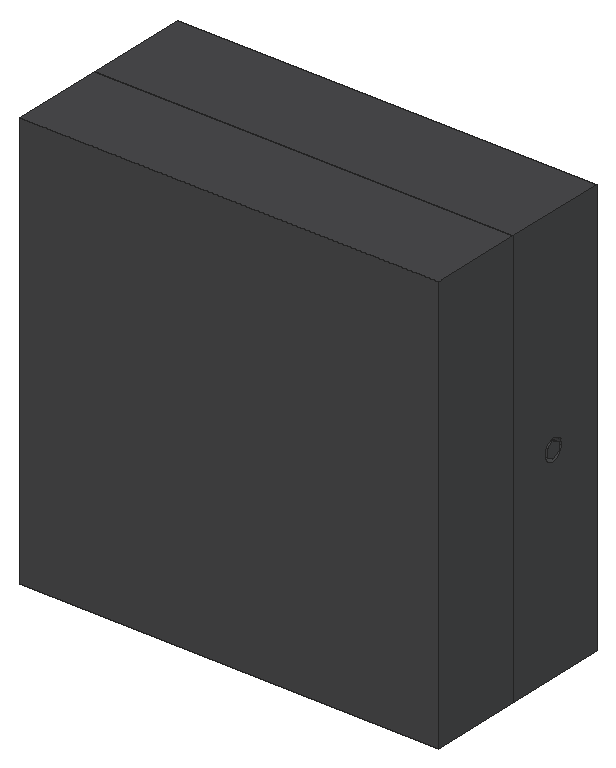
Revit family "LED CUADRATO 01_LZ64P13WW", category Luminarias, Revit 2019
Family settings
  Cota de conector redondo = Diámetro de uso
  Tipo de pieza = Normal
  Se basa en plano de trabajo = Sí
  Siempre vertical = No
  Corte con vacíos al cargar = No
  Origen de luz = Sí
  Compartido = No
  Punto de cálculo de habitación = No
Parameters (values of type "LED CUADRATO 01_LZ64P13WW")
  Ángulo de inclinación = 90.00°
  Ángulo de enfoque = 30.00°
  Ángulo de campo de foco = 90.00°
  Zone [instance] = ""
  Watt per fixture = 4
  Wattage = 4 W
  built-in parameter 1150107 = 3000 (stored number, unit not read)
  built-in parameter 1150110 = 1 (stored number, unit not read)
  built-in parameter 1150109 = 1 (stored number, unit not read)
  built-in parameter 1150112 = 1 (stored number, unit not read)
  built-in parameter 1150113 = 1 (stored number, unit not read)
  built-in parameter 1114218 = 1 (stored number, unit not read)
  Keynote = ""
  built-in parameter 1150137 = (empty or 0)
  built-in parameter 1150132 = (empty or 0)
  Modelo = "LZ64P13WW"
  Lámpara = "CITIZEN"
  Longitud de símbolo de origen de luz = 500 mm
  built-in parameter 1150105 = 902.76 (stored number, unit not read)
  built-in parameter 1150102 = (empty or 0)
  built-in parameter 1150106 = 9.0276 (stored number, unit not read)
  Lumens = 270 lm
  Color Filter = 16777215
  built-in parameter 1114217 = 1 (stored number, unit not read)
  built-in parameter 1150139 = (empty or 0)
  Fabricante = "BRILLANT"
  Default Elevation = 0 mm
  built-in parameter 1150104 = 6.271 (stored number, unit not read)
  Descripción = "LUMINARIA DIRIGIBLE TIPO ARBOTANTE, CON ACABADO EN ALUMINIO Y PESO DE 0.48KG, CON UN TIPO DE LED CITIZEN Y UNA POTENCIA DE 4W, 270 LUMENES, TEMPERATURA EN BLANCO CALIDO 3000K, CORRIENTE DE OPERACIÓN 30mA, CABLE DE 8CM, ALIMENTADO A 90-240VAC"
  built-in parameter 1150115 = 1 (stored number, unit not read)
  built-in parameter 1150114 = 1 (stored number, unit not read)
  Comentarios de vataje = "90-240V"
  built-in parameter 1150138 = (empty or 0)
  built-in parameter 1150134 = (empty or 0)
  Circuit [instance] = ""
  Dimming Lamp Color Temperature Shift = (empty or 0)
  built-in parameter 1150133 = 10 (stored number, unit not read)
Reference planes
  plane 1 "Centro (Frontal/Posterior)": y = 0
  plane 2: z = 0
  plane 3 "Centro (Izquierda/Derecha)": x = 0
Forms (mm)
  Extrusion 1, solid, material "Plastico"
    sketch origin (-260, 14.472, 0) x (1, 0, 0) y (0, 1, 0)
      loop
        line (220, -34.472) -> (300, -34.472) -> (300, -14.472) -> (220, -14.472) -> (220, -34.472)
    from 79.952 to 0
  Revolve 2, solid, material "Cristal", not visible
    sketch origin (-152, 0, 0) x (0, 1, 0) y (0, 0, -1)
      loop
        line (0, -8.749) -> (0, -7.25) -> (-1.499, -7.25)
        arc (-1.499, -7.25) -> (-1.06, -8.31) -> (0, -8.749) r 1.499
      axis (0, -7.25) -> (-1.499, -7.25)
    angle from 0 to 360
  Revolve 3, solid, material "Cristal", not visible
    sketch origin (-136, 0, 0) x (0, 1, 0) y (0, 0, -1)
      loop
        line (0, -8.749) -> (0, -7.25) -> (-1.499, -7.25)
        arc (-1.499, -7.25) -> (-1.06, -8.31) -> (0, -8.749) r 1.499
      axis (0, -7.25) -> (-1.499, -7.25)
    angle from 0 to 360
  Revolve 4, solid, material "Cristal", not visible
    sketch origin (-120, 0, 0) x (0, 1, 0) y (0, 0, -1)
      loop
        line (0, -8.749) -> (0, -7.25) -> (-1.499, -7.25)
        arc (-1.499, -7.25) -> (-1.06, -8.31) -> (0, -8.749) r 1.499
      axis (0, -7.25) -> (-1.499, -7.25)
    angle from 0 to 360
  Revolve 5, solid, material "Cristal", not visible
    sketch origin (-104, 0, 0) x (0, 1, 0) y (0, 0, -1)
      loop
        line (0, -8.749) -> (0, -7.25) -> (-1.499, -7.25)
        arc (-1.499, -7.25) -> (-1.06, -8.31) -> (0, -8.749) r 1.499
      axis (0, -7.25) -> (-1.499, -7.25)
    angle from 0 to 360
  Revolve 6, solid, material "Cristal", not visible
    sketch origin (-88, 0, 0) x (0, 1, 0) y (0, 0, -1)
      loop
        line (0, -8.749) -> (0, -7.25) -> (-1.499, -7.25)
        arc (-1.499, -7.25) -> (-1.06, -8.31) -> (0, -8.749) r 1.499
      axis (0, -7.25) -> (-1.499, -7.25)
    angle from 0 to 360
  Revolve 7, solid, material "Cristal", not visible
    sketch origin (-72, 0, 0) x (0, 1, 0) y (0, 0, -1)
      loop
        line (0, -8.749) -> (0, -7.25) -> (-1.499, -7.25)
        arc (-1.499, -7.25) -> (-1.06, -8.31) -> (0, -8.749) r 1.499
      axis (0, -7.25) -> (-1.499, -7.25)
    angle from 0 to 360
  Revolve 8, solid, material "Cristal", not visible
    sketch origin (-56, 0, 0) x (0, 1, 0) y (0, 0, -1)
      loop
        line (0, -8.749) -> (0, -7.25) -> (-1.499, -7.25)
        arc (-1.499, -7.25) -> (-1.06, -8.31) -> (0, -8.749) r 1.499
      axis (0, -7.25) -> (-1.499, -7.25)
    angle from 0 to 360
  Revolve 9, solid, material "Cristal", not visible
    sketch origin (-40, 0, 0) x (0, 1, 0) y (0, 0, -1)
      loop
        line (0, -8.749) -> (0, -7.25) -> (-1.499, -7.25)
        arc (-1.499, -7.25) -> (-1.06, -8.31) -> (0, -8.749) r 1.499
      axis (0, -7.25) -> (-1.499, -7.25)
    angle from 0 to 360
  Revolve 10, solid, material "Cristal", not visible
    sketch origin (-24, 0, 0) x (0, 1, 0) y (0, 0, -1)
      loop
        line (0, -8.749) -> (0, -7.25) -> (-1.499, -7.25)
        arc (-1.499, -7.25) -> (-1.06, -8.31) -> (0, -8.749) r 1.499
      axis (0, -7.25) -> (-1.499, -7.25)
    angle from 0 to 360
  Revolve 11, solid, material "Cristal", not visible
    sketch origin (-8, 0, 0) x (0, 1, 0) y (0, 0, -1)
      loop
        line (0, -8.749) -> (0, -7.25) -> (-1.499, -7.25)
        arc (-1.499, -7.25) -> (-1.06, -8.31) -> (0, -8.749) r 1.499
      axis (0, -7.25) -> (-1.499, -7.25)
    angle from 0 to 360
  Revolve 12, solid, material "Cristal", not visible
    sketch origin (8, 0, 0) x (0, 1, 0) y (0, 0, -1)
      loop
        line (0, -8.749) -> (0, -7.25) -> (-1.499, -7.25)
        arc (-1.499, -7.25) -> (-1.06, -8.31) -> (0, -8.749) r 1.499
      axis (0, -7.25) -> (-1.499, -7.25)
    angle from 0 to 360
  Revolve 13, solid, material "Cristal", not visible
    sketch origin (24, 0, 0) x (0, 1, 0) y (0, 0, -1)
      loop
        line (0, -8.749) -> (0, -7.25) -> (-1.499, -7.25)
        arc (-1.499, -7.25) -> (-1.06, -8.31) -> (0, -8.749) r 1.499
      axis (0, -7.25) -> (-1.499, -7.25)
    angle from 0 to 360
  Revolve 14, solid, material "Cristal", not visible
    sketch origin (40, 0, 0) x (0, 1, 0) y (0, 0, -1)
      loop
        line (0, -8.749) -> (0, -7.25) -> (-1.499, -7.25)
        arc (-1.499, -7.25) -> (-1.06, -8.31) -> (0, -8.749) r 1.499
      axis (0, -7.25) -> (-1.499, -7.25)
    angle from 0 to 360
  Revolve 15, solid, material "Cristal", not visible
    sketch origin (56, 0, 0) x (0, 1, 0) y (0, 0, -1)
      loop
        line (0, -8.749) -> (0, -7.25) -> (-1.499, -7.25)
        arc (-1.499, -7.25) -> (-1.06, -8.31) -> (0, -8.749) r 1.499
      axis (0, -7.25) -> (-1.499, -7.25)
    angle from 0 to 360
  Revolve 16, solid, material "Cristal", not visible
    sketch origin (72, 0, 0) x (0, 1, 0) y (0, 0, -1)
      loop
        line (0, -8.749) -> (0, -7.25) -> (-1.499, -7.25)
        arc (-1.499, -7.25) -> (-1.06, -8.31) -> (0, -8.749) r 1.499
      axis (0, -7.25) -> (-1.499, -7.25)
    angle from 0 to 360
  Revolve 17, solid, material "Cristal", not visible
    sketch origin (88, 0, 0) x (0, 1, 0) y (0, 0, -1)
      loop
        line (0, -8.749) -> (0, -7.25) -> (-1.499, -7.25)
        arc (-1.499, -7.25) -> (-1.06, -8.31) -> (0, -8.749) r 1.499
      axis (0, -7.25) -> (-1.499, -7.25)
    angle from 0 to 360
  Revolve 18, solid, material "Cristal", not visible
    sketch origin (104, 0, 0) x (0, 1, 0) y (0, 0, -1)
      loop
        line (0, -8.749) -> (0, -7.25) -> (-1.499, -7.25)
        arc (-1.499, -7.25) -> (-1.06, -8.31) -> (0, -8.749) r 1.499
      axis (0, -7.25) -> (-1.499, -7.25)
    angle from 0 to 360
  Revolve 19, solid, material "Cristal", not visible
    sketch origin (120, 0, 0) x (0, 1, 0) y (0, 0, -1)
      loop
        line (0, -8.749) -> (0, -7.25) -> (-1.499, -7.25)
        arc (-1.499, -7.25) -> (-1.06, -8.31) -> (0, -8.749) r 1.499
      axis (0, -7.25) -> (-1.499, -7.25)
    angle from 0 to 360
  Revolve 20, solid, material "Cristal", not visible
    sketch origin (136, 0, 0) x (0, 1, 0) y (0, 0, -1)
      loop
        line (0, -8.749) -> (0, -7.25) -> (-1.499, -7.25)
        arc (-1.499, -7.25) -> (-1.06, -8.31) -> (0, -8.749) r 1.499
      axis (0, -7.25) -> (-1.499, -7.25)
    angle from 0 to 360
  Revolve 21, solid, material "Cristal", not visible
    sketch origin (152, 0, 0) x (0, 1, 0) y (0, 0, -1)
      loop
        line (0, -8.749) -> (0, -7.25) -> (-1.499, -7.25)
        arc (-1.499, -7.25) -> (-1.06, -8.31) -> (0, -8.749) r 1.499
      axis (0, -7.25) -> (-1.499, -7.25)
    angle from 0 to 360
  Extrusion 22, solid, material "Plastico"
    sketch origin (0, 0, 0) x (1, 0, 0) y (0, 1, 0)
      loop
        line (-40, -20) -> (-40, -37.85) -> (40, -37.85) -> (40, -20) -> (-40, -20)
    from 0 to 79.952
  Extrusion 23, void
    sketch origin (0, 0, 0) x (1, 0, 0) y (0, 1, 0)
      loop
        arc (-35.061, -23.236) -> (-36.742, -23.932) -> (-37.439, -25.614) r 2.378
        line (-37.439, -25.614) -> (-37.439, -33.108)
        arc (-37.439, -33.108) -> (-36.742, -34.789) -> (-35.061, -35.486) r 2.378
        line (-35.061, -35.486) -> (35.183, -35.486)
        arc (35.183, -35.486) -> (36.865, -34.789) -> (37.561, -33.108) r 2.378
        line (37.561, -33.108) -> (37.561, -25.614)
        arc (37.561, -25.614) -> (36.865, -23.932) -> (35.183, -23.236) r 2.378
        line (35.183, -23.236) -> (-35.061, -23.236)
    from 0 to 10.783
  Extrusion 24, solid, material "Cristal"
    sketch origin (0, 0, 0) x (1, 0, 0) y (0, 1, 0)
      loop
        arc (-35.061, -23.236) -> (-36.742, -23.932) -> (-37.439, -25.614) r 2.378
        line (-37.439, -25.614) -> (-37.439, -33.108)
        arc (-37.439, -33.108) -> (-36.742, -34.789) -> (-35.061, -35.486) r 2.378
        line (-35.061, -35.486) -> (35.183, -35.486)
        arc (35.183, -35.486) -> (36.865, -34.789) -> (37.561, -33.108) r 2.378
        line (37.561, -33.108) -> (37.561, -25.614)
        arc (37.561, -25.614) -> (36.865, -23.932) -> (35.183, -23.236) r 2.378
        line (35.183, -23.236) -> (-35.061, -23.236)
    from 0 to 1.717
  Extrusion 25, void
    sketch origin (0, 0, 0) x (0, 1, 0) y (0, 0, 1)
      loop
        circle (-10.396, 39.021) r 2.073
    from -40 to -37.439
  Extrusion 26, void
    sketch origin (0, 0, 0) x (0, 1, 0) y (0, 0, -1)
      loop
        circle (-10.396, -39.021) r 2.073
    from -40 to -37.439
  Extrusion 27, solid, material "Plastico"
    sketch origin (0, 0, 0) x (0, 1, 0) y (0, 0, 1)
      loop
        line (-10.396, 40.603) -> (-11.767, 39.812) -> (-11.767, 38.229) -> (-10.396, 37.438) -> (-9.025, 38.229) -> (-9.025, 39.812) -> (-10.396, 40.603)
    from -40 to -37.439
  Extrusion 28, solid, material "Plastico"
    sketch origin (0, 0, 0) x (0, 1, 0) y (0, 0, -1)
      loop
        line (-10.396, -40.603) -> (-9.025, -39.812) -> (-9.025, -38.229) -> (-10.396, -37.438) -> (-11.767, -38.229) -> (-11.767, -39.812) -> (-10.396, -40.603)
    from -40 to -37.439
Cuts and joins
  Extrusion 23 cuts Extrusion 22
  Extrusion 25, Extrusion 26 cuts Extrusion 1
Dimensions and locks
  Extrusion 1 to Extrusion 1 = 80 mm
  equal spacing: Extrusion 1, plane 3 "Centro (Izquierda/Derecha)", Extrusion 1
  Extrusion 1 to plane 3 "Centro (Izquierda/Derecha)" = 40 mm
  Extrusion 1 to Extrusion 1 = 20 mm
  Extrusion 1 to Extrusion 1 = 79.952 mm
  Extrusion 1 to Extrusion 22 = 37.85 mm
  aligned and locked: level to plane 2
  aligned and locked: Extrusion 22 to Extrusion 1
Automatic sketch dimensions
  plane 1 "Centro (Frontal/Posterior)" to Extrusion 1 sketch curve = 0 mm
  Extrusion 1 sketch curve to plane 3 "Centro (Izquierda/Derecha)" = 40 mm
  plane 3 "Centro (Izquierda/Derecha)" to Extrusion 1 sketch curve = 40 mm
  plane 1 "Centro (Frontal/Posterior)" to Extrusion 1 sketch curve = 20 mm
  Extrusion 22 sketch curve to plane 3 "Centro (Izquierda/Derecha)" = 40 mm
  plane 3 "Centro (Izquierda/Derecha)" to Extrusion 22 sketch curve = 40 mm
  plane 1 "Centro (Frontal/Posterior)" to Extrusion 22 sketch curve = 37.85 mm
  Extrusion 22 sketch curve to Extrusion 22 sketch curve = 17.85 mm
  Extrusion 23 sketch curve to plane 3 "Centro (Izquierda/Derecha)" = 37.439 mm
  Extrusion 23 sketch curve to Extrusion 23 sketch curve = 2.378 mm  (x3)
  plane 3 "Centro (Izquierda/Derecha)" to Extrusion 23 sketch curve = 35.183 mm
  Extrusion 23 sketch curve to Extrusion 23 sketch curve = 0 mm
  plane 1 "Centro (Frontal/Posterior)" to Extrusion 23 sketch curve = 35.486 mm
  Extrusion 23 sketch curve to Extrusion 23 sketch curve = 7.494 mm
  Extrusion 24 sketch curve to plane 3 "Centro (Izquierda/Derecha)" = 37.439 mm
  Extrusion 24 sketch curve to Extrusion 24 sketch curve = 2.378 mm  (x3)
  plane 3 "Centro (Izquierda/Derecha)" to Extrusion 24 sketch curve = 35.183 mm
  Extrusion 24 sketch curve to Extrusion 24 sketch curve = 0 mm
  plane 1 "Centro (Frontal/Posterior)" to Extrusion 24 sketch curve = 35.486 mm
  Extrusion 24 sketch curve to Extrusion 24 sketch curve = 7.494 mm
  plane 1 "Centro (Frontal/Posterior)" to Extrusion 25 sketch curve = 10.396 mm
  level to Extrusion 25 sketch curve = 39.021 mm
  plane 1 "Centro (Frontal/Posterior)" to Extrusion 26 sketch curve = 10.396 mm
  level to Extrusion 26 sketch curve = 39.021 mm
  plane 1 "Centro (Frontal/Posterior)" to Extrusion 27 sketch curve = 11.767 mm
  Extrusion 27 sketch curve to Extrusion 27 sketch curve = 1.371 mm  (x3)
  level to Extrusion 27 sketch curve = 37.438 mm
  Extrusion 27 sketch curve to Extrusion 27 sketch curve = 0.791 mm  (x3)
  Extrusion 27 sketch curve to Extrusion 27 sketch curve = 1.583 mm  (x2)
  plane 1 "Centro (Frontal/Posterior)" to Extrusion 28 sketch curve = 11.767 mm
  Extrusion 28 sketch curve to Extrusion 28 sketch curve = 1.371 mm  (x3)
  level to Extrusion 28 sketch curve = 40.603 mm
  Extrusion 28 sketch curve to Extrusion 28 sketch curve = 0.791 mm  (x3)
  Extrusion 28 sketch curve to Extrusion 28 sketch curve = 1.583 mm  (x2)
  radius of Extrusion 25 sketch curve = 2.073 mm
  radius of Extrusion 26 sketch curve = 2.073 mm
Connectors
  electrical at (0, 0, 39.976)
    settings: on Extrusion 1, index 1, voltage 240 V, apparent load 0 VA, apparent load phase1 0 VA, apparent load phase2 0 VA, apparent load phase3 0 VA, power factor 1, load classification "Otro", number of poles 1, system type 31, power factor state 1, is connector primary yes, connector utility no, sub classification motor no, connector description ""
